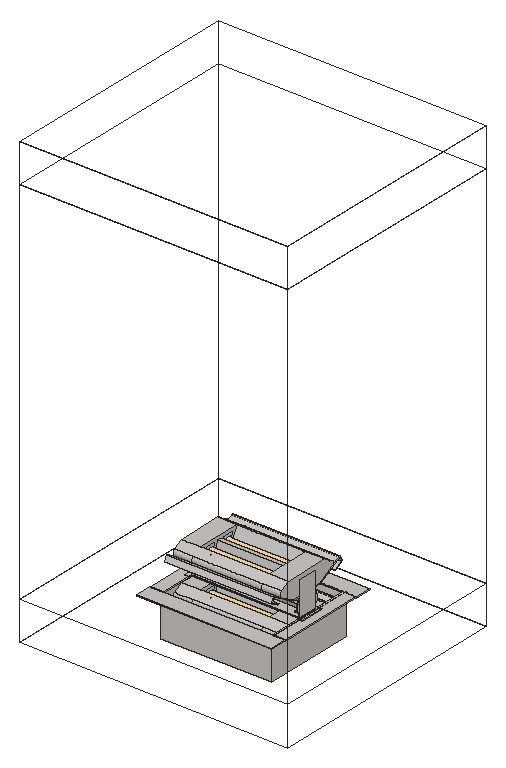
Revit family "Heater-QMARK-FRP_FRS_Series_Infrared", category Mechanical Equipment, host Face, Revit 2020 (continued)
Definition of nested family "Infrared_Heater-QMark-3_Element-Nested"
  Automatic sketch dimensions
    plane 10 to Extrusion 18 sketch curve = 0' - 4.4335"
    Extrusion 18 sketch curve to Extrusion 18 sketch curve = 0' - 0.8264"
    Extrusion 18 sketch curve to plane 6 = 0' - 3.5104"
    Extrusion 18 sketch curve to plane 8 = 0' - 2.75795"
    Extrusion 18 sketch curve to Extrusion 18 sketch curve = 0' - 1.36428"  (x2)
    Extrusion 18 sketch curve to Extrusion 18 sketch curve = 0' - 1.89022"
    Extrusion 19 sketch curve to plane 5 = 0' - 3 11/16"  (x2)
    Extrusion 19 sketch curve to plane 9 = 0' - 0.73336"
    Extrusion 19 sketch curve to Extrusion 19 sketch curve = 0' - 0"  (x2)
    Extrusion 19 sketch curve to plane 4 = 0' - 3 11/16"  (x2)
    plane 9 to Extrusion 19 sketch curve = 0' - 0.95993"
    Extrusion 19 sketch curve to Extrusion 19 sketch curve = 0' - 4.29997"  (x2)
    Extrusion 19 sketch curve to plane 10 = 0' - 0.04007"
    plane 10 to Extrusion 19 sketch curve = 0' - 0.95993"
    Extrusion 20 sketch curve to plane 7 = 0' - 1.52581"
    Extrusion 20 sketch curve to Extrusion 20 sketch curve = 0' - 0.06438"  (x2)
    plane 10 to Extrusion 20 sketch curve = 0' - 4.64975"
    Extrusion 20 sketch curve to plane 6 = 0' - 1.59019"
    level to Extrusion 20 sketch curve = 0' - 4.50808"
    Extrusion 20 sketch curve to plane 8 = 0' - 1.84125"  (x2)
    Extrusion 20 sketch curve to Extrusion 20 sketch curve = 0' - 0.03467"
    level to Extrusion 20 sketch curve = 0' - 4.38308"
    radius of Extrusion 10 sketch curve = 0' - 0 3/4"  (x2)
    radius of Extrusion 16 sketch curve = 0' - 1"  (x3)
Types (12): name | Width | Recessed Trim Mounting 3 Elements | Recessed Trim Mounting 2 Elements | Model | Length | Height | Elements Type | Clearance | C_ 3 Element Recessed Trim Kit | C_ 2 Element Recessed Trim Kit | Bulb Quantity | Adjustable Tilt Mounting Bracket 3 Elements | Adjustable Tilt Mounting Bracket 2 Elements | C_ 3 Element Type | C_ 2 Element Type
  FRP2 - 2 Bulbs - 017 kW - 208 V | 1' - 7 7/8" | no | yes | "FRP2" | 2' - 0 3/8" | 0' - 8 17/32" | "2 Elements" | yes | no | yes | 2 | no | yes | no | yes
  FRP3 - 2 Bulbs - 017 kW - 208 V | 1' - 7 7/8" | no | yes | "FRP3" | 2' - 9 3/8" | 0' - 8 17/32" | "2 Elements" | no | no | yes | 2 | no | yes | no | yes
  FRP4 - 2 Bulbs - 017 kW - 208 V | 1' - 7 7/8" | no | yes | "FRP4" | 3' - 10 3/8" | 0' - 8 17/32" | "2 Elements" | no | no | yes | 2 | no | yes | no | yes
  FRS2 - 2 Bulbs - 017 kW - 208 V | 1' - 7 7/8" | no | yes | "FRS2" | 2' - 0 3/8" | 0' - 8 17/32" | "2 Elements" | no | no | yes | 2 | no | yes | no | yes
  FRS3 - 2 Bulbs - 017 kW - 208 V | 1' - 7 7/8" | no | yes | "FRS3" | 2' - 9 3/8" | 0' - 8 17/32" | "2 Elements" | no | no | yes | 2 | no | yes | no | yes
  FRS4 - 2 Bulbs - 017 kW - 208 V | 1' - 7 7/8" | no | yes | "FRS4" | 3' - 10 3/8" | 0' - 8 17/32" | "2 Elements" | no | no | yes | 2 | no | yes | no | yes
  FRP2 - 3 Bulbs - 017 kW - 208 V | 2' - 2 5/16" | yes | no | "FRP2" | 2' - 0 3/8" | 0' - 9 5/32" | "3 Elements" | no | yes | no | 3 | yes | no | yes | no
  FRP3 - 3 Bulbs - 017 kW - 208 V | 2' - 2 5/16" | yes | no | "FRP3" | 2' - 9 3/8" | 0' - 9 5/32" | "3 Elements" | no | yes | no | 3 | yes | no | yes | no
  FRP4 - 3 Bulbs - 017 kW - 208 V | 2' - 2 5/16" | yes | no | "FRP4" | 3' - 10 3/8" | 0' - 9 5/32" | "3 Elements" | no | yes | no | 3 | yes | no | yes | no
  FRS2 - 3 Bulbs - 017 kW - 208 V | 2' - 2 5/16" | yes | no | "FRS2" | 2' - 0 3/8" | 0' - 9 5/32" | "3 Elements" | no | yes | no | 3 | yes | no | yes | no
  FRS3 - 3 Bulbs - 017 kW - 208 V | 2' - 2 5/16" | yes | no | "FRS3" | 2' - 9 3/8" | 0' - 9 5/32" | "3 Elements" | no | yes | no | 3 | yes | no | yes | no
  FRS4 - 3 Bulbs - 017 kW - 208 V | 2' - 2 5/16" | yes | no | "FRS4" | 3' - 10 3/8" | 0' - 9 5/32" | "3 Elements" | no | yes | no | 3 | yes | no | yes | no
